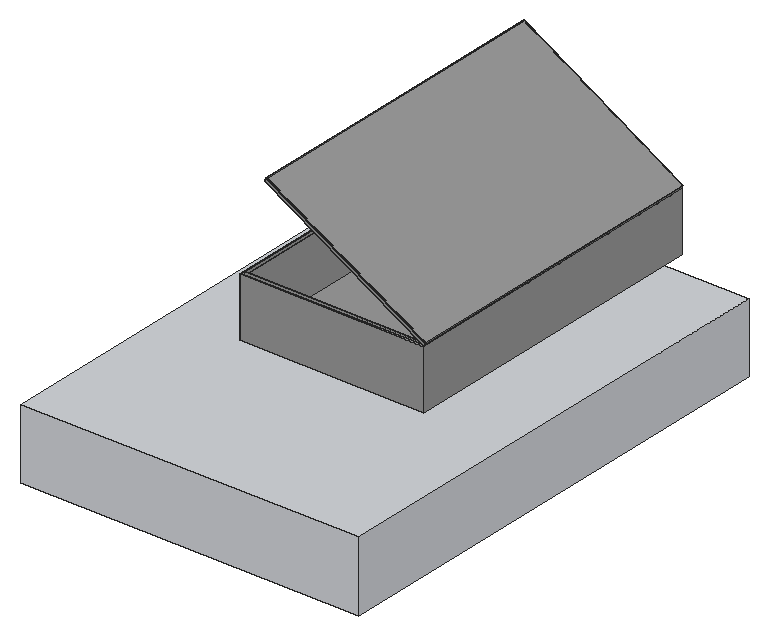
Revit family "Hager-Univers-IP55-D275-H1400-Cl.I-Steel_encl-PL-en", category Equipement électrique, Revit 2020
Family settings
  Hôte = Face
  Configuration du panneau = Deux colonnes, circuits au sein
  Cote de connecteur circulaire = Utiliser le diamètre
  Type d'élément = Tableau de raccordement
  Couper avec des vides une fois chargée = Non
  Partagée = Non
  Point de calcul de pièce = Non
Parameters (values of type "Surface mounted (plaster) IP55 W800 H1400 D275  - FR93E")
  Width Control [instance] = if([EF000008 - Width] > Min Width, [EF000008 - Width], Min Width)  # 800 mm
  Commentaires du type = [HG000003 - Range]  # "Univers"
  Thickness Door [instance] = if([EF009171 - Material plate thickness door/cover] > 3 mm, 3 mm, [EF009171 - Material plate thickness door/cover])  # 1.5 mm
  Seal Frame Offset [instance] = 17 mm  # constant formula
  Plinth Visibility [instance] = [HG000027 - Plinth height] > 0 mm  # no
  Model = ""
  Min Width [instance] = 100 mm  # constant formula
  Min Height [instance] = 100 mm  # constant formula
  Min Depth [instance] = (2 * [EF009170 - Material plate thickness cabinet]) + 1 mm  # 4 mm
  Internal Frame Depth [instance] = (Door System Depth * 0.5)  # 9 mm
  Height Control [instance] = if([EF000040 - Height] > Min Height, [EF000040 - Height], Min Height)  # 1400 mm
  HG000027 - Plinth height = 0 mm
  HG000026 - Floor standing = no
  HG000024 - Bottom section height = 800 mm
  HG000023 - Double section enclosure = no
  HG000016 - Door 3d visibility [instance] = yes
  HG000015 - Clearance visibility [instance] = no
  HG000014 - Door on the right [instance] = yes
  HG000013 - Door on the left [instance] = not([HG000014 - Door on the right])  # no
  HG000012 - Door swing angle [instance] = 30.00°
  HG000010 - Asymmetric doors = no
  HG000009 - Double swing door = no
  HG000006 - Flush mounted = no
  HG000004 - Manufacturer reference = "FR93E"
  HG000003 - Range = "Univers"
  HG000002 - With door or cover = yes
  Frame Offset Bottom [instance] = 10 mm  # constant formula
  Frame Offset [instance] = 15 mm  # constant formula
  EF015940 - Cover with overpressure release = no
  EF011959 - Degree of protection (NEMA) = ""
  EF009554 - Number of openings for flange plates = 6
  EF009212 - Cover model = "EV000116 - Closed"
  EF009171 - Material plate thickness door/cover = 1.5 mm
  EF009170 - Material plate thickness cabinet = 1.5 mm
  Fabricant = "Hager"  # constant formula
  EF008873 - Nominal current (In) = 800 A
  EF007800 - Suitable for lightning protection = no
  EF006306 - With lock = no
  EF006244 - Transparent cover/door = no
  EF005474 - Degree of protection (IP) = "EV006420 - IP55"
  EF004464 - Type of door = "EV002646 - Single"
  EF004427 - Number of modules = 324
  EF004293 - Impact strength = "EV008784 - IK10"
  EF003532 - Suitable for outdoor use = no
  EF002950 - Width in number of modular spacings = 24
  EF001613 - Circuit integrity = "EV000494 - None"
  EF001596 - Material housing = "EV000179 - Steel"
  EF001131 - Internal depth = 275 mm
  EF001088 - Extension possible = yes
  EF000437 - Number of conduit inlets = 6
  EF000339 - Type of cover = "EV004216 - Door"
  EF000266 - Number of rows = 9
  EF000218 - Built-in depth = 0 mm
  EF000118 - With mounting plate = no
  EF000116 - RAL-number = "7035"
  EF000049 - Depth = 275 mm
  EF000040 - Height = 1400 mm
  EF000008 - Width = 800 mm
  EF000007 - Colour = "EV000270 - Grey"
  EF000003 - Mounting method = "EV000384 - Surface mounted (plaster)"
  Door System Leaf Tolerance [instance] = 1.5 mm  # constant formula
  Door System Depth [instance] = 18 mm  # constant formula
  Door Height [instance] = Height Control - [HG000027 - Plinth height]  # 1400 mm
  Depth Control [instance] = if([EF000049 - Depth] > Min Depth, [EF000049 - Depth], Min Depth)  # 275 mm
  Default Elevation = 0 mm
  Connector Offset [instance] = Height Control / 2  # 700 mm
  Bottom Top Plate Trim [instance] = 1.5 mm  # constant formula
  Plinth height Ctrl [instance] = if([HG000027 - Plinth height] > 0 mm, [HG000027 - Plinth height], 12 mm)  # 12 mm
Types (5, lengths in mm): name | Width Control | HG000010 - Asymmetric doors | HG000009 - Double swing door | HG000004 - Manufacturer reference | EF009554 - Number of openings for flange plates | EF004464 - Type of door | EF004427 - Number of modules | EF000437 - Number of conduit inlets | EF000008 - Width
  Surface mounted (plaster) IP55 W1050 H1400 D275  - FR94E | 1050 | no | yes | "FR94E" | 8 | "EV003602 - Double" | 432 | 8 | 1050
  Surface mounted (plaster) IP55 W1300 H1400 D275  - FR95E | 1300 | yes | yes | "FR95E" | 10 | "EV003602 - Double" | 540 | 10 | 1300
  Surface mounted (plaster) IP55 W300 H1400 D275  - FR91E | 300 | no | no | "FR91E" | 2 | "EV002646 - Single" | 108 | 2 | 300
  Surface mounted (plaster) IP55 W550 H1400 D275  - FR92E | 550 | no | no | "FR92E" | 4 | "EV002646 - Single" | 216 | 4 | 550
  Surface mounted (plaster) IP55 W800 H1400 D275  - FR93E | 800 | no | no | "FR93E" | 6 | "EV002646 - Single" | 324 | 6 | 800
Reference planes
  plane 1 "Center (Front/Back)": y = 0
  plane 2: z = 0
  plane 3 "Center (Left/Right)": x = 0
  plane 4: z = 275
  plane 5: y = 1.5
  plane 6: y = 700
  plane 7: y = 0
  plane 8: y = 1400
  plane 9: z = 0
  plane 10: x = -385
  plane 11: x = 385
  plane 12: x = 383.5
  plane 13: x = -383.5
  plane 14: y = 1398.5
  plane 15: x = -383
  plane 16: x = -400
  plane 17: x = 383
  plane 18: x = 400
  plane 19: x = 398.5
  plane 20: x = -398.5
  plane 21: y = 11.5
  plane 22: y = 1400
  plane 23: y = 1383.5
  plane 24: z = 257
  plane 25: z = 1.5
  plane 26: z = 255.5
  plane 27: z = 273.5
Forms (mm)
  Extrusion 1, solid
    sketch origin (0, 0, 0) x (1, 0, 0) y (0, 1, 0)
      loop
        line (-702.964, 1305) -> (-702.964, -811.445) -> (766.763, -811.445) -> (766.763, 1305) -> (-702.964, 1305)
    from 0 to -304.8
  Extrusion 2, solid, material "Hager_Steel_RAL7035_Light_Grey", visible <- "Plinth Visibility", detail levels medium+fine
    sketch origin (0, 0, 0) x (1, 0, 0) y (0, 1, 0)
      loop
        line (-400, 0) -> (400, 0) -> (400, 12) -> (-400, 12) -> (-400, 0)
    from 0 to 257
  Extrusion 3, solid, material "Hager_Steel_RAL7035_Light_Grey", detail levels medium+fine
    sketch origin (0, 0, 0) x (1, 0, 0) y (0, 1, 0)
      loop
        line (-400, 0) -> (400, 0) -> (400, 1400) -> (-400, 1400) -> (-400, 0)
    from 0 to 257
  Extrusion 4, void
    sketch origin (0, 0, 0) x (1, 0, 0) y (0, 1, 0)
      loop
        line (-398.5, 1.5) -> (398.5, 1.5) -> (398.5, 1398.5) -> (-398.5, 1398.5) -> (-398.5, 1.5)
    from 1.5 to 255.5
  Extrusion 5, void
    sketch origin (-381.607, -4572, 257) x (0, -1, 0) y (-1, 0, 0)
      loop
        line (-4583.5, 1.893) -> (-5955.5, 1.893) -> (-5955.5, -765.107) -> (-4583.5, -765.107) -> (-4583.5, 1.893)
    from 0 to 1.5 <- "EF009170 - Material plate thickness cabinet"
  Extrusion 6, solid, material "Hager_Steel_RAL7035_Light_Grey", detail levels fine
    sketch origin (0, 0, 257) x (1, 0, 0) y (0, 1, 0)
      loop
        line (-383.5, 1383.5) -> (-383.5, 11.5) -> (383.5, 11.5) -> (383.5, 1383.5) -> (-383.5, 1383.5)
      loop
        line (-385, 10) -> (385, 10) -> (385, 1385) -> (-385, 1385) -> (-385, 10)
    from 0 to 9 <- "Internal Frame Depth"
  Extrusion 7, solid, material "Hager_Steel_RAL7035_Light_Grey", detail levels coarse
    sketch origin (0, 0, 0) x (1, 0, 0) y (0, 1, 0)
      loop
        line (-400, 0) -> (400, 0) -> (400, 1400) -> (-400, 1400) -> (-400, 0)
    from 0 to 275
  Sweep 8, void
    path in 3D
      loop
        line (-400, 12, 0) -> (400, 12, 0) -> (400, 12, 257) -> (-400, 12, 257) -> (-400, 12, 0)
    profile origin (-400, 12, 128.5) x (-1, 0, 0) y (0, -1, 0)
      loop
        line (0, 0) -> (0, 1.5) -> (-1.5, 1.5)
        arc (-1.5, 1.5) -> (-1.061, 0.439) -> (0, 0) r 1.5
Cuts and joins
  Extrusion 4, Extrusion 5 cuts Extrusion 3
  Sweep 8 cuts Extrusion 2
Lines and regions (mm)
  Masking region 1
    outline origin (0, 0, 0) x (1, 0, 0) y (0, 0, 1)
      loop
        line (-400, 275) -> (-400, 0) -> (400, 0) -> (400, 275) -> (-400, 275)
  Masking region 2, detail levels medium+fine
    outline origin (0, 140, 0) x (0, 1, 0) y (0, 0, 1)
      loop
        line (-140, 0) -> (1260, 0) -> (1260, 257) -> (-140, 257) -> (-140, 0)
  Masking region 3, not visible, detail levels medium+fine
    outline origin (0, 297.922, 0) x (0, 1, 0) y (0, 0, 1)
      loop
        line (413.578, 0) -> (453.578, 0) -> (453.578, 263.5)
        arc (453.578, 263.5) -> (450.649, 270.571) -> (443.578, 273.5) r 10
        line (443.578, 273.5) -> (413.578, 273.5) -> (413.578, 0)
  Masking region 4, detail levels coarse
    outline origin (0, 0, 180) x (0, 1, 0) y (0, 0, 1)
      loop
        line (0, -180) -> (1400, -180) -> (1400, 95) -> (0, 95) -> (0, -180)
  Masking region 5, visible <- "Plinth Visibility", detail levels medium+fine
    outline origin (0, 52.24, 12.345) x (0, 0, -1) y (0, 1, 0)
      loop
        line (10.845, -40.24) -> (-243.155, -40.24)
        arc (-243.155, -40.24) -> (-243.594, -41.301) -> (-244.655, -41.74) r 1.5
        line (-244.655, -41.74) -> (-244.655, -52.24) -> (12.345, -52.24) -> (12.345, -41.74)
        arc (12.345, -41.74) -> (11.285, -41.301) -> (10.845, -40.24) r 1.5
  Masking region 6, detail levels medium+fine
    outline origin (-381.607, -4572, 257) x (-1, 0, 0) y (0, -1, 0)
      loop
        line (18.393, -5972) -> (18.393, -4572) -> (-781.607, -4572) -> (-781.607, -5972) -> (18.393, -5972)
  Masking region 7, visible <- "Plinth Visibility", detail levels medium+fine
    outline origin (-381.607, -4727, 257) x (-1, 0, 0) y (0, -1, 0)
      loop
        arc (16.893, -4739) -> (17.332, -4737.939) -> (18.393, -4737.5) r 1.5
        line (18.393, -4737.5) -> (18.393, -4727) -> (-781.607, -4727) -> (-781.607, -4737.5)
        arc (-781.607, -4737.5) -> (-780.546, -4737.939) -> (-780.107, -4739) r 1.5
        line (-780.107, -4739) -> (16.893, -4739)
  Masking region 8, detail levels coarse
    outline origin (-442.548, -4669.526, 257) x (-1, 0, 0) y (0, -1, 0)
      loop
        line (-42.548, -6069.526) -> (-42.548, -4669.526) -> (-842.548, -4669.526) -> (-842.548, -6069.526) -> (-42.548, -6069.526)
  sketch lines
    curve 1: line (-400, 12, 257) -> (-400, 12, 0)
    curve 2: line (400, 12, 257) -> (-400, 12, 257)
    curve 3: line (400, 12, 257) -> (400, 12, 0)
    curve 4: line (-400, 12, 0) -> (400, 12, 0)
Dimensions and locks
  "Depth Control": plane 4 to Extrusion 1
  "HG000027 - Plinth height": plane 1 "Center (Front/Back)" to plane 7
  "EF009170 - Material plate thickness cabinet": plane 5 to plane 7
  locked: connector elem to plane 3 "Center (Left/Right)"
  equal spacing: plane 8, plane 6, plane 7
  locked: connector elem to plane 6
  "EF009170 - Material plate thickness cabinet": plane 8 to plane 14
  "EF009170 - Material plate thickness cabinet": plane 10 to plane 13
  "EF009170 - Material plate thickness cabinet": plane 12 to plane 11
  "Frame Offset": plane 20 to plane 13
  "Frame Offset": plane 12 to plane 19
  "EF009170 - Material plate thickness cabinet": plane 16 to plane 20
  "EF009170 - Material plate thickness cabinet": plane 19 to plane 18
  "Seal Frame Offset": plane 16 to plane 15
  "Seal Frame Offset": plane 17 to plane 18
  "Frame Offset Bottom": plane 21 to plane 5
  "Frame Offset": plane 14 to plane 23
  equal spacing: plane 16, plane 3 "Center (Left/Right)", plane 18
  "Width Control": plane 16 to plane 18
  "EF009170 - Material plate thickness cabinet": plane 4 to plane 27
  "EF009170 - Material plate thickness cabinet": plane 24 to plane 26
  "EF009170 - Material plate thickness cabinet": plane 25 to level
  "Door System Depth": plane 4 to plane 24
  "Height Control": plane 1 "Center (Front/Back)" to Extrusion 7 sketch curve
  "Height Control": Masking region 4 sketch curve to plane 1 "Center (Front/Back)"
  "Height Control": plane 1 "Center (Front/Back)" to plane 22
  "Bottom Top Plate Trim": profile plane to Sweep 8 sketch curve
  "Bottom Top Plate Trim": Sweep 8 sketch curve to profile plane
  "Plinth height Ctrl": plane 1 "Center (Front/Back)" to Extrusion 2 sketch curve
  "Plinth height Ctrl": Masking region 5 sketch curve to plane 1 "Center (Front/Back)"
  "Plinth height Ctrl": plane 1 "Center (Front/Back)" to Masking region 7 sketch curve
  "Thickness Door": Extrusion 6 sketch curve to Extrusion 6 sketch curve  (x3)
  "Thickness Door": cut or joined group of Extrusion 3, Extrusion 4, Extrusion 5 to Extrusion 6 sketch curve
  radius of Masking region 3 sketch curve = 10 mm
  "Bottom Top Plate Trim": radius of Masking region 5 sketch curve  (x2)
  "Bottom Top Plate Trim": radius of Sweep 8 sketch curve
  "Bottom Top Plate Trim": radius of Masking region 7 sketch curve  (x2)
  aligned and locked: plane 2 to Extrusion 1
  aligned and locked: level to Extrusion 1
  aligned and locked: level to Masking region 1 sketch curve
  aligned and locked: Masking region 1 sketch curve to plane 18
  aligned and locked: Masking region 1 sketch curve to plane 16
  aligned and locked: plane 7 to Masking region 2 sketch curve
  aligned and locked: level to Masking region 3 sketch curve
  aligned and locked: Masking region 3 sketch curve to plane 27
  aligned and locked: level to Masking region 2 sketch curve
  aligned and locked: plane 1 "Center (Front/Back)" to Extrusion 2 sketch curve
  aligned and locked: Extrusion 3 sketch curve to plane 7
  aligned and locked: plane 16 to Extrusion 3 sketch curve
  aligned and locked: plane 18 to Extrusion 3 sketch curve
  aligned and locked: plane 20 to Extrusion 4 sketch curve
  aligned and locked: plane 19 to Extrusion 4 sketch curve
  aligned and locked: Extrusion 4 sketch curve to plane 5
  aligned and locked: Extrusion 4 to plane 25
  aligned and locked: plane 26 to Extrusion 4
  aligned and locked: plane 24 to Extrusion 3
  aligned and locked: Extrusion 5 sketch curve to plane 21
  aligned and locked: Extrusion 5 sketch curve to plane 13
  aligned and locked: Extrusion 5 sketch curve to plane 12
  aligned and locked: plane 18 to Extrusion 7 sketch curve
  aligned and locked: plane 1 "Center (Front/Back)" to Extrusion 7 sketch curve
  aligned and locked: plane 16 to Extrusion 7 sketch curve
  aligned and locked: plane 4 to Extrusion 7
  aligned and locked: Extrusion 7 to level
  aligned and locked: level to Masking region 4 sketch curve
  aligned and locked: Masking region 4 sketch curve to plane 1 "Center (Front/Back)"
  aligned and locked: Masking region 4 sketch curve to plane 4
  aligned and locked: nested 1 to level
  aligned and locked: nested 1 to plane 16
  aligned and locked: plane 8 to Extrusion 3 sketch curve
  aligned and locked: plane 23 to Extrusion 5 sketch curve
  aligned and locked: plane 14 to Extrusion 4 sketch curve
  aligned and locked: Masking region 2 sketch curve to plane 8
  aligned and locked: level to Masking region 5 sketch curve
  aligned and locked: plane 16 to Extrusion 2 sketch curve
  aligned and locked: plane 18 to Extrusion 2 sketch curve
  aligned and locked: Masking region 5 sketch curve to plane 24
  aligned and locked: Masking region 2 sketch curve to plane 24
  aligned and locked: plane 24 to Extrusion 2
  aligned and locked: profile plane to Sweep 8 sketch curve  (x2)
  aligned and locked: Masking region 6 sketch curve to plane 18
  aligned and locked: Masking region 6 sketch curve to plane 22
  aligned and locked: Masking region 6 sketch curve to plane 16
  aligned and locked: plane 8 to plane 22
  aligned and locked: Masking region 6 sketch curve to plane 7
  aligned and locked: Masking region 7 sketch curve to plane 16
  aligned and locked: Masking region 7 sketch curve to plane 1 "Center (Front/Back)"
  aligned and locked: Masking region 7 sketch curve to plane 18
  aligned and locked: Masking region 8 sketch curve to plane 1 "Center (Front/Back)"
  aligned and locked: Masking region 8 sketch curve to plane 18
  aligned and locked: Masking region 8 sketch curve to plane 22
  aligned and locked: Masking region 8 sketch curve to plane 16
  aligned and locked: nested 2 to plane 7
  aligned and locked: plane 3 "Center (Left/Right)" to nested 2
  aligned and locked: nested 2 to plane 24
  aligned and locked: Extrusion 6 sketch curve to cut or joined group of Extrusion 3, Extrusion 4, Extrusion 5  (x4)
Automatic sketch dimensions
  Extrusion 1 sketch curve to Extrusion 1 sketch curve = 1469.727 mm
  Extrusion 1 sketch curve to Extrusion 1 sketch curve = 2116.445 mm
  Masking region 1 sketch curve to plane 4 = 0 mm
  plane 6 to Masking region 3 sketch curve = 11.5 mm
  Masking region 3 sketch curve to Masking region 3 sketch curve = 30 mm
  Masking region 5 sketch curve to plane 1 "Center (Front/Back)" = 0 mm
Nested families
  nested 1: "Hager_Enclosure_Symbol" at (-400, 0, 0) x (1, 0, 0) z (0, -1, 0), Height <- "Depth Control", Width <- "Width Control", type "Hager_Enclosure_Symbol"
    with Width_Ctrl 800 mm, Width 800 mm, Height_Ctrl 275 mm, Height 275 mm, A_Width_Int 18.047 mm, A_Width 216.562 mm, A_Height_Ctrl 240.625 mm, A_Height 240.625 mm
  nested 2: "EC000058_Univers_Door" at (0, 0, 257) x (1, 0, 0) z (0, 1, 0), Leaf_Tolerance <- "Door System Leaf Tolerance", Angle <- "HG000012 - Door swing angle", Door_Depth <- "Door System Depth", Door_Left <- "HG000013 - Door on the left", Transparent <- "EF006244 - Transparent cover/door", Assymetrical <- "HG000010 - Asymmetric doors", Width <- "Width Control", Clearance <- "HG000015 - Clearance visibility", Double <- "HG000009 - Double swing door", 3d_Door <- "HG000016 - Door 3d visibility", Lock_Visibility <- "EF006306 - With lock", Width_Ctrl <- "Width Control", Door_Right <- "HG000014 - Door on the right", Door <- "HG000002 - With door or cover", Height <- "Door Height", Thickness <- "Thickness Door", type "EC000058_Univers_Door", detail levels medium+fine
    with min_wh 4 mm, Width_Ctrl 800 mm, Width 800 mm, Transparent no, Thickness 1.5 mm, Seal_Material Hager_Rubber, Lock_Visibility no, Lock_Material Hager_Plastic_RAL9005_Jet_Black, Leaf_Width 800 mm, Leaf_Tolerance_External_Sides 0 mm, Leaf_Tolerance 1.5 mm, Leaf_Offset 0 mm, Leaf_Height 1397 mm, Leaf_2_Width 800 mm, Leaf_2_Offset 400 mm, Leaf_1_Width 800 mm, Leaf_1_Offset 400 mm, Height_Ctrl 1400 mm, Height 1400 mm, Glass_Material Hager_Glass, Double_Clearance_Ctrl no, Double no, Door_Right_Ctrl yes, Door_Right yes, Door_Material Hager_Steel_RAL7035_Light_Grey, Door_Left_Ctrl no, Door_Left no, Door_Depth 18 mm, Door yes, Clearance_Material Hager_Clearance, Clearance_Depth 800 mm, Clearance_Ctrl no, Clearance no, Assymetrical no, Angle 30.00°, 3d_Door yes
Connectors
  electrical at (0, 700, 0)
    settings: on plane 9, index 1, voltage 0 V, apparent load 0 VA, apparent load phase1 0 VA, apparent load phase2 0 VA, apparent load phase3 0 VA, power factor 1, load classification "Other", number of poles 1, system type 30, power factor state 1, is connector primary yes, connector utility no, sub classification motor no, connector description ""
Definition of nested family "EC000058_Univers_Door"
  Parameters (values of type "EC000058_Univers_Door")
    min_wh [instance] = (2 * Thickness) + 1 mm  # 11 mm
    Width_Ctrl [instance] = 400 mm
    Width [instance] = 500 mm
    Transparent [instance] = yes
    Thickness [instance] = 5 mm
    Seal_Material [instance] = none
    Lock_Visibility [instance] = yes
    Lock_Material [instance] = none
    Leaf_Width [instance] = if((Width_Ctrl - 2 * Leaf_Tolerance_External_Sides) > 0 mm, (Width_Ctrl - 2 * Leaf_Tolerance_External_Sides), min_wh)  # 400 mm
    Leaf_Tolerance_External_Sides [instance] = 0 mm  # constant formula
    Leaf_Tolerance [instance] = 1.5 mm
    Leaf_Offset [instance] = 0 mm  # constant formula
    Leaf_Height [instance] = if((Height_Ctrl - 2 * Leaf_Tolerance) > 0 mm, (Height_Ctrl - 2 * Leaf_Tolerance), min_wh)  # 497 mm
    Leaf_2_Width [instance] = if(and(and(Double, Assymetrical), Door_Left), (Leaf_Width / 3) - (Leaf_Tolerance / 2), if(and(and(Double, Assymetrical), Door_Right), (Leaf_Width / 3) * 2 - (Leaf_Tolerance / 2), if(and(Double, not(Assymetrical)), (Leaf_Width / 2) - Leaf_Tolerance, Leaf_Width)))  # 400 mm
    Leaf_2_Offset [instance] = if(and(Double, Assymetrical), Leaf_2_Width / 2, if(and(Double, not(Assymetrical)), Leaf_Width / 4, Leaf_Width / 2))  # 200 mm
    Leaf_1_Width [instance] = if(and(and(Double, Assymetrical), Door_Right), (Leaf_Width / 3) - (Leaf_Tolerance / 2), if(and(and(Double, Assymetrical), Door_Left), (Width / 3) * 2 - (Leaf_Tolerance / 2), if(and(Double, not(Assymetrical)), (Leaf_Width / 2) - Leaf_Tolerance, Leaf_Width)))  # 400 mm
    Leaf_1_Offset [instance] = if(and(Double, Assymetrical), Leaf_1_Width / 2, if(and(Double, not(Assymetrical)), Leaf_Width / 4, Leaf_Width / 2))  # 200 mm
    Height_Ctrl [instance] = if(Height > min_wh, Height, min_wh)  # 500 mm
    Height [instance] = 500 mm
    Glass_Material [instance] = none
    Double_Clearance_Ctrl [instance] = and(Double, Clearance)  # no
    Double [instance] = no
    Door_Right_Ctrl [instance] = and(or(Door_Right, Double), Door)  # yes
    Door_Right [instance] = yes
    Door_Material [instance] = none
    Door_Left_Ctrl [instance] = and(or(Door_Left, Double), Door)  # no
    Door_Left [instance] = no
    Door_Depth [instance] = 30 mm
    Door [instance] = yes
    Default Elevation = 1219.2 mm
    Clearance_Material [instance] = none
    Clearance_Depth [instance] = if(Leaf_1_Width > Leaf_2_Width, Leaf_1_Width, Leaf_2_Width)  # 400 mm
    Clearance_Ctrl [instance] = and(not(Double), Clearance)  # yes
    Clearance [instance] = yes
    Assymetrical [instance] = yes
    Angle [instance] = 30.00°
    3d_Door [instance] = yes
  Reference planes
    plane 1 "Center (Front/Back)": y = 0
    plane 2 "Bottom": z = 0
    plane 3 "Center (Left/Right)": x = 0
    plane 4: z = 500
    plane 5: x = -200
    plane 6: x = 200
    plane 7: z = 500
    plane 8: x = -200
    plane 9: z = 0
    plane 10: x = 200
    plane 11: y = 0
    plane 12: z = 1.5
    plane 13: x = -600
    plane 14: y = -400
    plane 15: x = 600
    plane 16: x = 0
    plane 17: x = 0
    plane 18: x = -200
    plane 19: x = 200
    plane 20: z = 498.5
  Forms (mm)
    Extrusion 1, solid, material <- "Clearance_Material", visible <- "Double_Clearance_Ctrl"
      sketch origin (1200, 0, 0) x (1, 0, 0) y (0, 0, -1)
        loop
          line (-1800, -498.5) -> (-600, -498.5) -> (-600, 0) -> (-1800, 0) -> (-1800, -498.5)
      from 0 to -400
  Dimensions and locks
    equal spacing: plane 5, plane 3 "Center (Left/Right)", plane 6
    "Width_Ctrl": plane 5 to plane 6
    "Leaf_Offset": plane 5 to plane 8
    "Leaf_Offset": plane 6 to plane 10
    "Leaf_Offset": plane 9 to level
    "Leaf_Offset": plane 4 to plane 7
    "Height_Ctrl": plane 4 to level
    "Leaf_Tolerance": plane 12 to plane 9
    locked: plane 11 to plane 1 "Center (Front/Back)"
    "Leaf_1_Offset": plane 18 to plane 16
    "Leaf_2_Offset": plane 17 to plane 19
    "Leaf_1_Width": plane 13 to plane 8
    "Leaf_2_Width": plane 10 to plane 15
    "Clearance_Depth": plane 14 to plane 1 "Center (Front/Back)"
    "Leaf_Tolerance_External_Sides": plane 8 to plane 18
    "Leaf_Tolerance_External_Sides": plane 19 to plane 10
    "Leaf_Tolerance": plane 7 to plane 20
    aligned and locked: level to plane 2 "Bottom"
    aligned and locked: nested 1 to plane 16
    aligned and locked: nested 2 to plane 17
    aligned and locked: Extrusion 1 to plane 13
    aligned and locked: plane 15 to Extrusion 1
    aligned and locked: Extrusion 1 to plane 14
    aligned and locked: plane 12 to nested 1
    aligned and locked: nested 2 to plane 12
    aligned and locked: Extrusion 1 to plane 11
    aligned and locked: plane 20 to Extrusion 1
    aligned and locked: nested 2 to plane 11
    aligned and locked: nested 1 to plane 11
  Automatic sketch dimensions
    Extrusion 1 sketch curve to level = 0 mm
    plane 5 to Extrusion 1 sketch curve = 400 mm
    plane 6 to Extrusion 1 sketch curve = 400 mm
    Extrusion 1 sketch curve to plane 4 = 1.5 mm
  Nested families
    nested 1: "EC000058_Univers_Door_Leaf" at (0, 0, 1.5), Width <- "Leaf_1_Width", visible <- "Door_Left_Ctrl", Leaf_Height <- "Leaf_Height", Angle <- "Angle", 3d_Door <- "3d_Door", Transparent <- "Transparent", Clearance Material <- "Clearance_Material", Clearance <- "Clearance_Ctrl", Door_Material <- "Door_Material", Glass_Material <- "Glass_Material", Door_Depth <- "Door_Depth", Lock_Material <- "Lock_Material", Seal_Material <- "Seal_Material", Lock_Visibility <- "Lock_Visibility", Thickness <- "Thickness", type "EC000058_Univers_Door_Leaf"
      with Width 400 mm, Transparent_Glass_Offset 30 mm, Transparent_Ctrl yes, Transparent yes, Thickness 5 mm, Standard no, Seal_Material none, Seal_D2 8 mm, Seal_D1 1 mm, Offset_Internal_Frame 10 mm, Lock_Width 20 mm, Lock_Visibility_3d yes, Lock_Visibility yes, Lock_Thickness_3 3 mm, Lock_Thickness_2 1 mm, Lock_Thickness_1 3 mm, Lock_Radius_Offset_2 16 mm, Lock_Radius_Offset_1 15 mm, Lock_Radius_2 5 mm, Lock_Radius 6 mm, Lock_Offset 5 mm, Lock_Material none, Lock_Height 80 mm, Lock_Cover_Top_Offset_2d 17 mm, Lock_Cover_Height -65 mm, Leaf_Height 497 mm, Internal_Seal_Thickness 8 mm, Internal_Seal_Depth_2 4.5 mm, Internal_Frame_Depth 25 mm, Glass_Thickness -1 mm, Glass_Offset -2 mm, Glass_Material none, Door_Material none, Door_Depth 30 mm, Clearance Material none, Clearance yes, Angle_Ctrl 30.00°, Angle 30.00°, 3d_Door yes
    nested 2: "EC000058_Univers_Door_Leaf" at (0, 0, 1.5) x (-1, 0, 0) z (0, 0, 1), Width <- "Leaf_2_Width", visible <- "Door_Right_Ctrl", Leaf_Height <- "Leaf_Height", Angle <- "Angle", 3d_Door <- "3d_Door", Transparent <- "Transparent", Clearance Material <- "Clearance_Material", Clearance <- "Clearance_Ctrl", Door_Material <- "Door_Material", Glass_Material <- "Glass_Material", Door_Depth <- "Door_Depth", Lock_Material <- "Lock_Material", Seal_Material <- "Seal_Material", Lock_Visibility <- "Lock_Visibility", Thickness <- "Thickness", type "EC000058_Univers_Door_Leaf"
      with Width 400 mm, Transparent_Glass_Offset 30 mm, Transparent_Ctrl yes, Transparent yes, Thickness 5 mm, Standard no, Seal_Material none, Seal_D2 8 mm, Seal_D1 1 mm, Offset_Internal_Frame 10 mm, Lock_Width 20 mm, Lock_Visibility_3d yes, Lock_Visibility yes, Lock_Thickness_3 3 mm, Lock_Thickness_2 1 mm, Lock_Thickness_1 3 mm, Lock_Radius_Offset_2 16 mm, Lock_Radius_Offset_1 15 mm, Lock_Radius_2 5 mm, Lock_Radius 6 mm, Lock_Offset 5 mm, Lock_Material none, Lock_Height 80 mm, Lock_Cover_Top_Offset_2d 17 mm, Lock_Cover_Height -65 mm, Leaf_Height 497 mm, Internal_Seal_Thickness 8 mm, Internal_Seal_Depth_2 4.5 mm, Internal_Frame_Depth 25 mm, Glass_Thickness -1 mm, Glass_Offset -2 mm, Glass_Material none, Door_Material none, Door_Depth 30 mm, Clearance Material none, Clearance yes, Angle_Ctrl 30.00°, Angle 30.00°, 3d_Door yes
  Definition of nested family "EC000058_Univers_Door_Leaf"
    Parameters (values of type "EC000058_Univers_Door_Leaf")
      Width [instance] = 2000 mm
      Transparent_Glass_Offset [instance] = 30 mm
      Transparent_Ctrl [instance] = and(Transparent, [3d_Door])  # yes
      Transparent [instance] = yes
      Thickness [instance] = 5 mm
      Standard [instance] = and(not(Transparent), [3d_Door])  # no
      Seal_Material [instance] = none
      Seal_D2 [instance] = 8 mm  # constant formula
      Seal_D1 [instance] = 1 mm  # constant formula
      Offset_Internal_Frame [instance] = 10 mm  # constant formula
      Lock_Width [instance] = 20 mm  # constant formula
      Lock_Visibility_3d [instance] = and(Lock_Visibility, [3d_Door])  # yes
      Lock_Visibility [instance] = yes
      Lock_Thickness_3 [instance] = 3 mm  # constant formula
      Lock_Thickness_2 [instance] = 1 mm  # constant formula
      Lock_Thickness_1 [instance] = 3 mm  # constant formula
      Lock_Radius_Offset_2 [instance] = Lock_Radius_Offset_1 + 1 mm  # 16 mm
      Lock_Radius_Offset_1 [instance] = 15 mm  # constant formula
      Lock_Radius_2 [instance] = Lock_Radius - 1 mm  # 5 mm
      Lock_Radius [instance] = 6 mm  # constant formula
      Lock_Offset [instance] = 5 mm  # constant formula
      Lock_Material [instance] = none
      Lock_Height [instance] = 80 mm  # constant formula
      Lock_Cover_Top_Offset_2d [instance] = Lock_Radius_Offset_2 + 1 mm  # 17 mm
      Lock_Cover_Height [instance] = -(Lock_Height - Lock_Radius_Offset_1)  # -65 mm
      Leaf_Height [instance] = 2720.336 mm
      Internal_Seal_Thickness [instance] = 8 mm  # constant formula
      Internal_Seal_Depth_2 [instance] = 4.5 mm  # constant formula
      Internal_Frame_Depth [instance] = if(Door_Depth - Thickness > 5 mm, Door_Depth - Thickness, 5 mm)  # 25 mm
      Glass_Thickness [instance] = if(Thickness > 15 mm, Glass_Offset + 10 mm, -1 mm)  # -1 mm
      Glass_Offset [instance] = if(Thickness > 15 mm, -(Thickness + 10 mm) / 2, -2 mm)  # -2 mm
      Glass_Material [instance] = none
      Door_Material [instance] = none
      Door_Depth [instance] = 30 mm
      Default Elevation = 0 mm
      Clearance Material [instance] = none
      Clearance [instance] = yes
      Angle_Ctrl [instance] = if(Angle > 180.00°, 180.00°, Angle)  # 90.00°
      Angle [instance] = 90.00°
      3d_Door [instance] = yes
    Reference planes
      plane 1 "Center (Front/Back)": y = 0
      plane 2: z = 0
      plane 3 "Center (Left/Right)": x = 0
      plane 4: y = 2000
      plane 5: x = -1000
      plane 6: x = 1000
      plane 7: x = -3000
      plane 8: z = 2720.336
      plane 9: z = 30
      plane 10: z = 2690.336
      plane 11: x = 970
      plane 12: x = -970
      plane 13: y = -3
      plane 14: z = 107.833
      plane 15: y = -5
      plane 16: y = -223.314
      plane 17: x = -1000
      plane 18: z = 1360.168
      plane 19: y = 30
    Forms (mm)
      Extrusion 1, solid, material <- "Clearance Material", visible <- "Clearance"
        sketch origin (0, 0, 0) x (1, 0, 0) y (0, 0, 1)
          loop
            line (-3000, 2720.336) -> (-3000, 0) -> (1000, 0) -> (1000, 2720.336) -> (-3000, 2720.336)
        from 0 to -2000
      Extrusion 2, solid, material <- "Door_Material", visible <- "Standard", detail levels medium+fine
        sketch origin (-1000, 0, 0) x (0, 1, 0) y (-1, 0, 0)
          loop
            line (0, 30) -> (0, 25) -> (2000, 25) -> (2000, 30) -> (0, 30)
        from 0 to 2720.336 <- "Leaf_Height"
      Extrusion 3, solid, material <- "Door_Material", visible <- "Transparent_Ctrl", detail levels medium+fine
        sketch origin (-1000, 0, 0) x (0, 1, 0) y (-1, 0, 0)
          loop
            line (0, 25) -> (2000, 25) -> (2000, 30) -> (0, 30) -> (0, 25)
        from 0 to 2720.336 <- "Leaf_Height"
      Extrusion 4, void
        sketch origin (-1025, 2000, 0) x (0, 1, 0) y (0, 0, -1)
          loop
            line (-30, -2690.336) -> (-30, -30) -> (-1970, -30) -> (-1970, -2690.336) -> (-30, -2690.336)
        from 0 to 5 <- "Thickness"
      Sweep 5, solid, material <- "Seal_Material", visible <- "Transparent_Ctrl", detail levels fine
        path in 3D
          loop
            line (-1025, 30, 30) -> (-1025, 30, 2690.336) -> (-1025, 1970, 2690.336) -> (-1025, 1970, 30) -> (-1025, 30, 30)
        profile origin (-1025, 1000, 30) x (1, 0, 0) y (0, 0, 1)
          loop
            line (0, 0) -> (0, -8) -> (1, -8) -> (1, 0) -> (0, 0)
      Extrusion 6, solid, material <- "Glass_Material", visible <- "Transparent_Ctrl", detail levels medium+fine
        sketch origin (-1030, 0, 0) x (0, 1, 0) y (0, 0, -1)
          loop
            line (1970, -2690.336) -> (1970, -30) -> (30, -30) -> (30, -2690.336) -> (1970, -2690.336)
        from -2 <- "Glass_Offset" to -1 <- "Glass_Thickness"
      Extrusion 7, solid, material <- "Door_Material", visible <- "3d_Door", detail levels medium+fine
        sketch origin (-1025, 2000, 0) x (0, -1, 0) y (0, 0, -1)
          loop
            line (0, -2720.336) -> (2000, -2720.336) -> (2000, 0) -> (0, 0) -> (0, -2720.336)
          loop
            line (1995, -5) -> (5, -5) -> (5, -2715.336) -> (1995, -2715.336) -> (1995, -5)
        from 0 to 25 <- "Internal_Frame_Depth"
      Sweep 8, solid, material <- "Seal_Material", visible <- "Transparent_Ctrl", detail levels fine
        path in 3D
          loop
            line (-1025, 0, 0) -> (-1025, 2000, 0) -> (-1025, 2000, 2720.336) -> (-1025, 0, 2720.336) -> (-1025, 0, 0)
        profile origin (-1025, 0, 1360.168) x (1, 0, 0) y (0, 1, 0)
          loop
            line (0, 10) -> (2.975, 10)
            arc (2.975, 10) -> (4.053, 10.447) -> (4.5, 11.525) r 1.525
            line (4.5, 11.525) -> (4.5, 16.527)
            arc (4.5, 16.527) -> (4.069, 17.569) -> (3.027, 18) r 1.473
            line (3.027, 18) -> (0, 18) -> (0, 10)
      Extrusion 9, solid, material <- "Lock_Material", visible <- "Lock_Visibility_3d", detail levels fine
        sketch origin (-1030, 0, 0) x (0, 1, 0) y (0, 0, -1)
          loop
            arc (1993.5, -1400.168) -> (1994.561, -1399.729) -> (1995, -1398.668) r 1.5
            line (1995, -1398.668) -> (1995, -1320.168) -> (1975, -1320.168) -> (1975, -1398.668)
            arc (1975, -1398.668) -> (1975.439, -1399.729) -> (1976.5, -1400.168) r 1.5
            line (1976.5, -1400.168) -> (1993.5, -1400.168)
        from 3 <- "Lock_Thickness_1" to 0
      Blend 10, solid, material <- "Lock_Material", visible <- "Lock_Visibility_3d", detail levels fine
        base sketch origin (-1033, 0, 0) x (0, 1, 0) y (0, 0, -1)
          loop
            line (1975, -1320.168) -> (1975, -1398.668)
            arc (1975, -1398.668) -> (1975.439, -1399.729) -> (1976.5, -1400.168) r 1.5
            line (1976.5, -1400.168) -> (1993.5, -1400.168)
            arc (1993.5, -1400.168) -> (1994.561, -1399.729) -> (1995, -1398.668) r 1.5
            line (1995, -1398.668) -> (1995, -1320.168) -> (1975, -1320.168)
        top sketch origin (-1033, 0, 0) x (0, 1, 0) y (0, 0, -1)
          loop
            line (1976, -1320.168) -> (1976, -1398.668)
            arc (1976, -1398.668) -> (1976.146, -1399.022) -> (1976.5, -1399.168) r 0.5
            line (1976.5, -1399.168) -> (1993.5, -1399.168)
            arc (1993.5, -1399.168) -> (1993.854, -1399.022) -> (1994, -1398.668) r 0.5
            line (1994, -1398.668) -> (1994, -1320.168) -> (1976, -1320.168)
        from 0 to 1 <- "Lock_Thickness_2"
      Blend 11, solid, material <- "Lock_Material", visible <- "Lock_Visibility_3d", detail levels fine
        base sketch origin (-1034, 0, 0) x (0, 1, 0) y (0, 0, -1)
          loop
            line (1978, -1320.168) -> (1978, -1384.168)
            arc (1978, -1384.168) -> (1985, -1391.168) -> (1992, -1384.168) r 7
            line (1992, -1384.168) -> (1992, -1320.168) -> (1978, -1320.168)
        top sketch origin (-1034, 0, 0) x (0, 1, 0) y (0, 0, -1)
          loop
            line (1991, -1320.168) -> (1979, -1320.168) -> (1979, -1383.168)
            arc (1979, -1383.168) -> (1985, -1389.168) -> (1991, -1383.168) r 6
            line (1991, -1383.168) -> (1991, -1320.168)
        from 0 to 3 <- "Lock_Thickness_3"
      Extrusion 12, solid, material <- "Lock_Material", visible <- "Lock_Visibility_3d", detail levels fine
        sketch origin (-1030, 1975, 1320.168) x (1, 0, 0) y (0, -1, 0)
          loop
            line (-7, -19) -> (-7, -1) -> (0, -1) -> (0, 0) -> (-8, 0) -> (-8, -20) -> (0, -20) -> (0, -19) -> (-7, -19)
        from 0 to -65 <- "Lock_Cover_Height"
      Extrusion 13, void
        sketch origin (-1038, 1995, 1320.168) x (-1, 0, 0) y (0, 0, -1)
          loop
            line (-5, -65) -> (0, -65) -> (-5, -60) -> (-5, -65)
        from 0 to 20 <- "Lock_Width"
      Extrusion 14, void
        sketch origin (-1038, 1975, 1320.168) x (0, -1, 0) y (0, 0, -1)
          loop
            circle (-10, -15.995) r 6
          loop
            circle (-10, -15.995) r 5
        from 0 to 2
      Extrusion 15, solid, material <- "Lock_Material", visible <- "Lock_Visibility_3d", detail levels medium
        sketch origin (-1030, 0, 0) x (0, 1, 0) y (0, 0, -1)
          loop
            arc (1993.5, -1400.168) -> (1994.561, -1399.729) -> (1995, -1398.668) r 1.5
            line (1995, -1398.668) -> (1995, -1320.168) -> (1975, -1320.168) -> (1975, -1398.668)
            arc (1975, -1398.668) -> (1975.439, -1399.729) -> (1976.5, -1400.168) r 1.5
            line (1976.5, -1400.168) -> (1993.5, -1400.168)
        from 8 to 0
    Cuts and joins
      Extrusion 4 cuts Extrusion 3
      Extrusion 13, Extrusion 14 cuts Extrusion 9
      Extrusion 14 cuts Blend 11
      Extrusion 13, Extrusion 14 cuts Extrusion 12
      joined: Extrusion 9, Blend 10, Blend 11, Extrusion 12
      Extrusion 14 cuts Extrusion 15
    Lines and regions (mm)
      Masking region 1, visible <- "Lock_Visibility", detail levels fine
        outline origin (0, 0, 0) x (0, 1, 0) y (0, 0, 1)
          loop
            line (30, 1320.168) -> (33, 1320.168) -> (33, 1400.168) -> (30, 1400.168) -> (30, 1320.168)
      Masking region 2, visible <- "Lock_Visibility", detail levels fine
        outline origin (0, 3.143, 0) x (0, 1, 0) y (0, 0, 1)
          loop
            line (29.857, 1354.168) -> (30.857, 1354.168) -> (30.857, 1366.168) -> (29.857, 1366.168) -> (29.857, 1354.168)
      Masking region 3, detail levels medium+fine
        outline origin (0, 0, 0) x (0, 1, 0) y (0, 0, 1)
          loop
            line (0, 0) -> (30, 0) -> (30, 2720.336) -> (0, 2720.336) -> (0, 0)
      Masking region 4, detail levels medium+fine
        outline origin (0, 0, 0) x (1, 0, 0) y (0, 0, 1)
          loop
            line (-1000, 2720.336) -> (-1000, 0) -> (1000, 0) -> (1000, 2720.336) -> (-1000, 2720.336)
      Masking region 5, visible <- "Lock_Visibility", detail levels fine
        outline origin (-47.116, 0, 0) x (1, 0, 0) y (0, 0, 1)
          loop
            arc (1024.616, 1399.168) -> (1023.556, 1398.729) -> (1023.116, 1397.668) r 1.5
            line (1023.116, 1397.668) -> (1023.116, 1320.168) -> (1041.116, 1320.168) -> (1041.116, 1397.668)
            arc (1041.116, 1397.668) -> (1040.677, 1398.729) -> (1039.616, 1399.168) r 1.5
            line (1039.616, 1399.168) -> (1024.616, 1399.168)
      Masking region 6, visible <- "Lock_Visibility", detail levels medium+fine
        outline origin (-25, 0, 0) x (1, 0, 0) y (0, 0, 1)
          loop
            arc (1001.5, 1400.168) -> (1000.439, 1399.729) -> (1000, 1398.668) r 1.5
            line (1000, 1398.668) -> (1000, 1320.168) -> (1020, 1320.168) -> (1020, 1398.668)
            arc (1020, 1398.668) -> (1019.561, 1399.729) -> (1018.5, 1400.168) r 1.5
            line (1018.5, 1400.168) -> (1001.5, 1400.168)
      Masking region 7, visible <- "Lock_Visibility", detail levels fine
        outline origin (-73.735, 0, 0) x (1, 0, 0) y (0, 0, 1)
          loop
            line (1051.735, 1382.168) -> (1065.735, 1382.168) -> (1065.735, 1384.168)
            arc (1065.735, 1384.168) -> (1058.735, 1391.168) -> (1051.735, 1384.168) r 7
            line (1051.735, 1384.168) -> (1051.735, 1382.168)
      Masking region 8, visible <- "Lock_Visibility", detail levels fine
        outline origin (-73.735, 0, 0) x (1, 0, 0) y (0, 0, 1)
          loop
            line (1052.735, 1382.168) -> (1064.735, 1382.168) -> (1064.735, 1383.168)
            arc (1064.735, 1383.168) -> (1058.735, 1389.168) -> (1052.735, 1383.168) r 6
            line (1052.735, 1383.168) -> (1052.735, 1382.168)
      Masking region 9, visible <- "Lock_Visibility", detail levels fine
        outline origin (-25, 0, 0) x (1, 0, 0) y (0, 0, 1)
          loop
            line (1020, 1320.168) -> (1020, 1382.168) -> (1000, 1382.168) -> (1000, 1320.168) -> (1020, 1320.168)
      Masking region 10, detail levels medium+fine
        outline origin (0, 0, 0) x (1, 0, 0) y (0, 0, 1)
          loop
            circle (985, 1335.144) r 6
      Masking region 11, detail levels fine
        outline origin (0, 0, 0) x (1, 0, 0) y (0, 0, 1)
          loop
            circle (985, 1335.144) r 5
      Masking region 12, visible <- "Lock_Visibility", detail levels fine
        outline origin (0, 12.767, 0) x (0, 1, 0) y (0, 0, 1)
          loop
            line (20.233, 1320.168) -> (21.233, 1320.168) -> (21.233, 1399.168) -> (20.233, 1400.168) -> (20.233, 1320.168)
      Masking region 13, visible <- "Lock_Visibility", detail levels fine
        outline origin (0, 13.767, -10) x (0, 1, 0) y (0, 0, 1)
          loop
            line (20.233, 1330.168) -> (23.233, 1330.168) -> (23.233, 1399.168) -> (20.233, 1402.168) -> (20.233, 1330.168)
      Masking region 14, visible <- "Lock_Visibility", detail levels fine
        outline origin (0, 12.767, -10) x (0, 1, 0) y (0, 0, 1)
          loop
            line (20.233, 1330.168) -> (25.233, 1330.168) -> (25.233, 1399.305) -> (20.233, 1394.305) -> (20.233, 1330.168)
      Masking region 15, visible <- "Lock_Visibility", detail levels medium
        outline origin (0, 0, 0) x (0, 1, 0) y (0, 0, 1)
          loop
            line (30, 1320.168) -> (38, 1320.168) -> (38, 1400.168) -> (30, 1400.168) -> (30, 1320.168)
      Masking region 16, visible <- "Lock_Visibility", detail levels fine
        outline origin (-1000, 0, 0) x (0, 1, 0) y (-1, 0, 0)
          loop
            line (1975, 30) -> (1995, 30) -> (1995, 38) -> (1975, 38) -> (1975, 30)
          loop
            line (1979, 37) -> (1976, 37) -> (1976, 34) -> (1978, 34) -> (1979, 37)
          loop
            line (1994, 37) -> (1991, 37) -> (1992, 34) -> (1994, 34) -> (1994, 37)
      Masking region 17, visible <- "Lock_Visibility", detail levels medium
        outline origin (-1000, 0, 0) x (0, 1, 0) y (-1, 0, 0)
          loop
            line (1975, 30) -> (1995, 30) -> (1995, 38) -> (1975, 38) -> (1975, 30)
      symbolic lines
        curve 1: line (1000, 0, 0) -> (-3000, 0, 0)
        curve 2: arc (1000, 0, 0) -> (-1000, 2000, 0) -> (-3000, 0, 0) r 2000
        curve 4: line (-1030, 0, 0) -> (-1030, 2000, 0)
      reference lines
        curve 3: line (-1000, 0, 0) -> (-1000, 2000, 0)
      symbolic lines, detail levels medium+fine
        curve 5: line (-1030, 2000, 0) -> (-1025, 2000, 0)
        curve 7: line (-1025, 0, 0) -> (-1030, 0, 0)
        curve 8: line (-1025, 0, 0) -> (-1000, 0, 0)
        curve 9: line (-1000, 0, 0) -> (-1000, 2000, 0)
        curve 10: line (-1000, 2000, 0) -> (-1025, 2000, 0)
      symbolic lines, detail levels fine
        curve 6: line (-1025, 2000, 0) -> (-1025, 0, 0)
      sketch lines
        curve 11: line (-1025, 0, 2720.336) -> (-1025, 0, 0)
        curve 12: line (-1025, 2000, 0) -> (-1025, 0, 0)
        curve 13: line (-1025, 2000, 2720.336) -> (-1025, 2000, 0)
        curve 14: line (-1025, 0, 2720.336) -> (-1025, 2000, 2720.336)
        curve 15: line (-1025, 1970, 30) -> (-1025, 30, 30)
        curve 16: line (-1025, 30, 30) -> (-1025, 30, 2690.336)
        curve 17: line (-1025, 1970, 2690.336) -> (-1025, 1970, 30)
        curve 18: line (-1025, 30, 2690.336) -> (-1025, 1970, 2690.336)
      symbolic lines, visible <- "Transparent", detail levels medium+fine
        curve 19: line (-970, 0, 2690.336) -> (970, 0, 2690.336)
        curve 20: line (-970, 0, 30) -> (-970, 0, 2690.336)
        curve 21: line (970, 0, 30) -> (-970, 0, 30)
        curve 22: line (970, 0, 2690.336) -> (970, 0, 30)
    Dimensions and locks
      "Width": plane 1 "Center (Front/Back)" to plane 4
      equal spacing: plane 5, plane 3 "Center (Left/Right)", plane 6
      "Width": plane 5 to plane 6
      "Width": plane 7 to plane 5
      "Leaf_Height": plane 8 to level
      "Width": curve 5 to curve 3
      "Width": curve 3 to curve 3
      plane 8 to plane 10 = 30 mm
      plane 9 to level = 30 mm
      plane 12 to plane 5 = 30 mm
      plane 6 to plane 11 = 30 mm
      Extrusion 1 to Extrusion 4 sketch curve = 30 mm
      "Transparent_Glass_Offset": curve 3 to Extrusion 4 sketch curve
      "Transparent_Glass_Offset": Extrusion 4 sketch curve to cut or joined group of Extrusion 3, Extrusion 4  (x2)
      cut or joined group of Extrusion 3, Extrusion 4 to Extrusion 6 sketch curve = 30 mm
      "Transparent_Glass_Offset": cut or joined group of Extrusion 3, Extrusion 4 to Extrusion 4 sketch curve
      "Thickness": curve 6 to curve 4
      "Thickness": Extrusion 7 sketch curve to Extrusion 7 sketch curve  (x4)
      "Door_Depth": curve 4 to curve 3
      "Offset_Internal_Frame": profile plane to Sweep 8 sketch curve
      "Internal_Seal_Thickness": Sweep 8 sketch curve to Sweep 8 sketch curve
      "Internal_Seal_Depth_2": profile plane to Sweep 8 sketch curve
      "Seal_D1": profile plane to Sweep 5 sketch curve
      "Seal_D2": profile plane to Sweep 5 sketch curve
      "Thickness": Extrusion 2 sketch curve to Extrusion 2 sketch curve
      equal spacing: Extrusion 9 sketch curve, plane 18, Extrusion 9 sketch curve  (x2)
      equal spacing: Masking region 1 sketch curve, plane 18, Masking region 1 sketch curve
      "Lock_Height": Masking region 1 sketch curve to Masking region 1 sketch curve
      "Lock_Radius": Masking region 2 sketch curve to plane 18 to Masking region 2 sketch curve
      Masking region 2 sketch curve to Masking region 1 = 1 mm
      "Door_Depth": plane 19 to plane 1 "Center (Front/Back)"
      "Lock_Thickness_1": Masking region 1 sketch curve to plane 19
      "Lock_Width": Extrusion 9 sketch curve to Extrusion 9 sketch curve
      "Lock_Height": Extrusion 9 sketch curve to Extrusion 9 sketch curve
      "Lock_Offset": cut or joined group of Extrusion 3, Extrusion 4 to Extrusion 9 sketch curve
      equal spacing: plane 8, plane 18, level
      "Lock_Radius_Offset_1": Blend 11 sketch curve to Blend 10
      locked: Blend 10 to Blend 11 sketch curve at 2  (x2)
      locked: var sketch to Blend 11 sketch curve at 1  (x2)
      "Lock_Radius_Offset_2": Blend 11 sketch curve to Blend 10
      locked: Extrusion 12 sketch curve to Extrusion 12 sketch curve at 1  (x3)
      Masking region 6 sketch curve to Masking region 6 sketch curve = 80 mm
      "Lock_Height": Masking region 6 sketch curve to Masking region 6 sketch curve
      "Lock_Width": Masking region 6 sketch curve to Masking region 6 sketch curve
      locked: Masking region 6 to Masking region 5 sketch curve at 1  (x3)
      locked: Masking region 5 to Masking region 7 sketch curve at 2  (x2)
      "Lock_Radius_Offset_1": Masking region 5 to Masking region 7 sketch curve
      "Lock_Radius_Offset_2": Masking region 5 to Masking region 8 sketch curve
      locked: Masking region 7 to Masking region 8 sketch curve at 1  (x2)
      "Lock_Cover_Top_Offset_2d": Masking region 5 to Masking region 9 sketch curve
      equal spacing: Masking region 9, Masking region 10 sketch curve, Masking region 9
      equal spacing: Masking region 9, Masking region 11 sketch curve, Masking region 9
      Extrusion 15 sketch curve to Extrusion 15 sketch curve = 80 mm
      "Lock_Width": Extrusion 15 sketch curve to Extrusion 15 sketch curve
      "Lock_Height": Extrusion 15 sketch curve to Extrusion 15 sketch curve
      equal spacing: Extrusion 15 sketch curve, plane 18, Extrusion 15 sketch curve
      "Lock_Thickness_3": Masking region 13 sketch curve to Masking region 13 sketch curve
      "Lock_Height": Masking region 12 sketch curve to Masking region 12 sketch curve
      locked: Masking region 13 sketch curve to Masking region 1 at 8
      locked: Masking region 14 sketch curve to Masking region 13 at 1
      locked: Masking region 14 sketch curve to Masking region 1 at 10.863
      "Lock_Height": Masking region 15 sketch curve to Masking region 15 sketch curve
      "Lock_Offset": Extrusion 15 sketch curve to cut or joined group of Extrusion 3, Extrusion 4
      "Lock_Offset": plane 6 to Masking region 6 sketch curve
      radius of Sweep 8 sketch curve = 1.525 mm
      radius of Sweep 8 sketch curve = 1.473 mm
      radius of Extrusion 9 sketch curve = 1.5 mm  (x2)
      "Lock_Radius": radius of Extrusion 14 sketch curve
      "Lock_Radius_2": radius of Extrusion 14 sketch curve
      "Lock_Radius": radius of Masking region 10 sketch curve
      "Lock_Radius_2": radius of Masking region 11 sketch curve
      radius of Extrusion 15 sketch curve = 1.5 mm  (x2)
      "Angle_Ctrl": angle plane 1 "Center (Front/Back)" to curve 3
      locked: Masking region 12 sketch curve to Masking region 12 sketch curve (angle 45.00°)
      locked: Masking region 13 sketch curve to Masking region 13 sketch curve (angle 45.00°)
      locked: Masking region 14 sketch curve to Masking region 14 sketch curve (angle 45.00°)
      aligned and locked: level to plane 2
      aligned and locked: Extrusion 1 to curve 1
      aligned and locked: plane 6 to Extrusion 1
      aligned and locked: Extrusion 1 to plane 1 "Center (Front/Back)"
      aligned and locked: plane 4 to Extrusion 1
      aligned and locked: plane 8 to Extrusion 1
      aligned and locked: curve 7 to Extrusion 2 sketch curve
      aligned and locked: curve 5 to Extrusion 2 sketch curve
      aligned and locked: curve 7 to Extrusion 3 sketch curve
      aligned and locked: Extrusion 3 sketch curve to curve 4
      aligned and locked: Extrusion 3 sketch curve to curve 6
      aligned and locked: Extrusion 3 sketch curve to curve 5
      aligned and locked: curve 9 to curve 3
      aligned and locked: Extrusion 7 sketch curve to cut or joined group of Extrusion 3, Extrusion 4  (x4)
      aligned and locked: plane 17 to curve 3
      aligned and locked: plane 1 "Center (Front/Back)" to curve 3
      aligned and locked: plane 17 to plane 5
      aligned and locked: Sweep 8 sketch curve to profile plane
      aligned and locked: Sweep 5 sketch curve to profile plane  (x2)
      aligned and locked: Masking region 1 to Masking region 2 sketch curve
      aligned and locked: plane 19 to Masking region 1 sketch curve
      aligned and locked: plane 1 "Center (Front/Back)" to Masking region 3 sketch curve
      aligned and locked: plane 19 to Masking region 3 sketch curve
      aligned and locked: level to Masking region 3 sketch curve
      aligned and locked: Masking region 3 sketch curve to plane 8
      aligned and locked: plane 17 to Masking region 4 sketch curve
      aligned and locked: level to Masking region 4 sketch curve
      aligned and locked: Masking region 4 sketch curve to plane 8
      aligned and locked: plane 12 to curve 20
      aligned and locked: plane 10 to curve 19
      aligned and locked: plane 11 to curve 22
      aligned and locked: curve 21 to plane 9
      aligned and locked: Extrusion 2 sketch curve to cut or joined group of Extrusion 3, Extrusion 4
      aligned and locked: Blend 10 sketch curve to Extrusion 9  (x4)
      aligned and locked: Extrusion 9 to Blend 10 sketch curve
      aligned and locked: Blend 10 to Blend 11 sketch curve
      aligned and locked: Extrusion 12 sketch curve to Blend 11
      aligned and locked: Extrusion 12 sketch curve to Extrusion 9  (x4)
      aligned and locked: Masking region 5 sketch curve to Masking region 6
      aligned and locked: Masking region 9 sketch curve to Masking region 6  (x3)
      aligned and locked: Masking region 12 sketch curve to Masking region 1
      aligned and locked: Masking region 13 sketch curve to Masking region 1
      aligned and locked: Masking region 12 to Masking region 14
      aligned and locked: Masking region 14 sketch curve to Masking region 1
      aligned and locked: Masking region 15 sketch curve to Masking region 14
      aligned and locked: Masking region 13 sketch curve to Masking region 12
      aligned and locked: Masking region 16 sketch curve to cut or joined group of Extrusion 14, Extrusion 15  (x4)
      aligned and locked: Masking region 16 sketch curve to cut or joined group of Extrusion 9, Blend 10, Blend 11, Extrusion 12, Extrusion 13, Extrusion 14  (x6)
      aligned and locked: cut or joined group of Extrusion 9, Blend 10, Blend 11, Extrusion 12, Extrusion 13, Extrusion 14 to Masking region 16 sketch curve
      aligned and locked: Masking region 17 sketch curve to cut or joined group of Extrusion 14, Extrusion 15  (x3)
      aligned and locked: Masking region 17 sketch curve to cut or joined group of Extrusion 9, Blend 10, Blend 11, Extrusion 12, Extrusion 13, Extrusion 14
      aligned and locked: Masking region 9 to Masking region 8 sketch curve
      aligned and locked: Masking region 9 to Masking region 7 sketch curve
    Automatic sketch dimensions
      plane 1 "Center (Front/Back)" to curve 2 = 0 mm
      curve 2 to plane 5 = 0 mm
      Extrusion 1 sketch curve to level = 0 mm
      Extrusion 1 sketch curve to plane 7 = 0 mm
      Extrusion 1 sketch curve to plane 6 = 0 mm
      Extrusion 1 sketch curve to plane 8 = 0 mm
      Extrusion 3 to Extrusion 6 sketch curve = 30 mm  (x4)
      Masking region 4 sketch curve to plane 6 = 0 mm
      Blend 10 sketch curve to Extrusion 9 = 1.5 mm
      Blend 10 sketch curve to Extrusion 9 = 1 mm
      Extrusion 13 sketch curve to Extrusion 12 = 0 mm  (x2)
      Extrusion 12 to Extrusion 13 sketch curve = 3 mm
      Extrusion 13 sketch curve to Extrusion 12 = 5 mm
      Extrusion 14 sketch curve to Extrusion 14 sketch curve = 0 mm  (x2)
      Extrusion 14 sketch curve to Extrusion 12 = 10 mm
      Extrusion 14 sketch curve to Extrusion 12 = 15.995 mm
      Masking region 5 sketch curve to Masking region 5 sketch curve = 1.5 mm  (x2)
      Masking region 10 sketch curve to plane 18 = 25.024 mm
      Masking region 11 sketch curve to plane 18 = 25.024 mm
      plane 19 to Masking region 14 sketch curve = 3 mm
      Masking region 16 sketch curve to Masking region 16 sketch curve = 3 mm
      curve 4 to curve 3 = 0 mm
      Blend 10 to Blend 11 sketch curve = 0 mm
      Masking region 6 sketch curve to Masking region 6 sketch curve = 1.5 mm  (x2)
      Masking region 6 sketch curve to plane 18 = 40 mm
      plane 19 to Masking region 12 sketch curve = 3 mm
      Masking region 12 sketch curve to Masking region 12 sketch curve = 1 mm
      Masking region 15 sketch curve to plane 19 = 0 mm
      Masking region 15 sketch curve to plane 18 = 40 mm
      radius of Blend 10 sketch curve to Extrusion 9 = 1 mm
Definition of nested family "Hager_Enclosure_Symbol"
  Parameters (values of type "Hager_Enclosure_Symbol")
    Width_Ctrl [instance] = if(Width > 1 mm, Width, 1 mm)  # 102.27 mm
    Width [instance] = 102.27 mm
    Height_Ctrl [instance] = if(Height > 1 mm, Height, 1 mm)  # 66.5 mm
    A_Width_Int [instance] = if(A_Width / 12 > 2 mm, A_Width / 12, 2 mm)  # 4.364 mm
    A_Width [instance] = if(A_Height_Ctrl * 0.9 > 2 mm, A_Height_Ctrl * 0.9, 2 mm)  # 52.369 mm
    A_Height_Ctrl [instance] = if(A_Height > 2 mm, A_Height, 2 mm)  # 58.188 mm
    Height [instance] = 66.5 mm
    A_Height [instance] = Height - (Height / 8)  # 58.188 mm
  Reference planes
    plane 1 "Centre (avant/arrière)": y = 0
    plane 2: z = 0
    plane 3 "Centre (gauche/droite)": x = 0
    plane 4: x = 52.369
    plane 5: y = 33.042
    plane 6: y = 41.77
    plane 7: y = 66.5
    plane 8: x = 26.184
    plane 9: y = 37.406
    plane 10: x = 102.27
    plane 11: y = 66.5
    plane 12: y = 8.313
  Lines and regions (mm)
    Filled region 1, type "Solid_Black", in view "Niveau de réf."
      outline origin (0, 0, 0) x (1, 0, 0) y (0, 1, 0)
        loop
          line (52.369, 66.5) -> (33.188, 54.536) -> (45.365, 45.006) -> (52.369, 66.5)
    Filled region 2, type "Solid_Black", in view "Niveau de réf."
      outline origin (0, 0, 0) x (1, 0, 0) y (0, 1, 0)
        loop
          line (0, 0) -> (102.27, 0) -> (102.27, 66.5) -> (0, 0)
    detail lines, in view "Niveau de réf."
      curve 1: line (0, 8.313, 0) -> (26.184, 41.77, 0)
      curve 2: line (26.184, 41.77, 0) -> (26.184, 33.042, 0)
      curve 3: line (26.184, 33.042, 0) -> (52.369, 66.5, 0)
  Dimensions and locks
    "A_Width": plane 3 "Centre (gauche/droite)" to plane 4
    equal spacing: plane 3 "Centre (gauche/droite)", plane 8, plane 4
    equal spacing: plane 6, plane 9, plane 5
    equal spacing: curve 3, Filled region 1 sketch curve, Filled region 1 sketch curve
    "Height_Ctrl": plane 1 "Centre (avant/arrière)" to plane 11
    "A_Height_Ctrl": plane 11 to plane 12
    equal spacing: plane 11, plane 9, plane 12
    "A_Width_Int": plane 6 to plane 9
    "Width_Ctrl": plane 3 "Centre (gauche/droite)" to plane 10
    angle Filled region 1 sketch curve to curve 3 = 20.00°
    angle curve 3 to Filled region 1 sketch curve = 20.00°
    locked: curve 3 to Filled region 1 sketch curve (angle 90.00°)
    aligned and locked: plane 10 to Filled region 2
    aligned and locked: plane 11 to Filled region 2 sketch curve
    aligned and locked: plane 10 to Filled region 2 sketch curve
    aligned and locked: plane 3 "Centre (gauche/droite)" to curve 1
    aligned and locked: plane 12 to curve 1
    aligned and locked: plane 7 to plane 11
  Automatic sketch dimensions
    Filled region 1 sketch curve to plane 4 = 0 mm
    Filled region 1 sketch curve to plane 7 = 0 mm
    plane 1 "Centre (avant/arrière)" to Filled region 2 sketch curve = 0 mm
    Filled region 2 sketch curve to plane 3 "Centre (gauche/droite)" = 0 mm
    curve 2 to plane 6 = 0 mm
    curve 2 to plane 8 = 0 mm
    curve 3 to plane 4 = 0 mm
    curve 2 to plane 5 = 0 mm
    curve 3 to plane 7 = 0 mm
